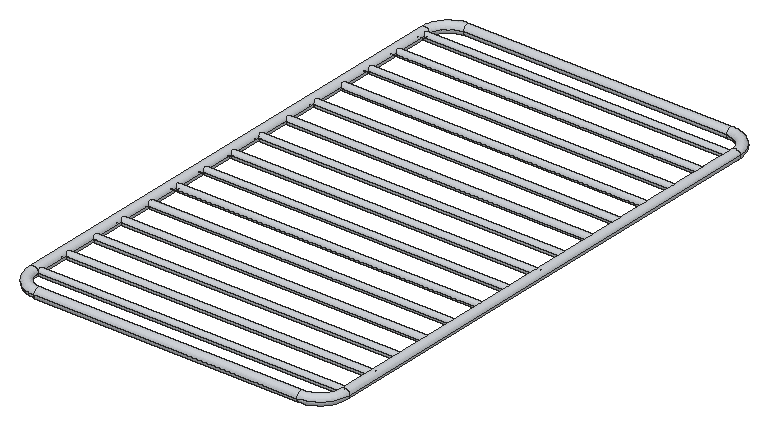
Revit family "Accessory-Sink_Rack-KOHLER-NEOROC_CAIRN-K-27788", category Specialty Equipment, host Face, Revit 2017
Family settings
  Host = Face
  Round Connector Dimension = Use Diameter
  Part Type = Normal
  OmniClass Number = 23.31.13.17
  Cut with Voids When Loaded = No
  Shared = No
  Room Calculation Point = No
Parameters (values of type "ST-Stainless Steel")
  Width = 8 23/64"  # constant formula
  WaterSense Certified = 1 = 0  # no
  URL = "https://www.us.kohler.com/us/"
  Product Page URL = "http://www.us.kohler.com/us/catalog/productDetails.jsp?productId=27788"
  Product Name = "NEOROC CAIRN\r\n"  # constant formula
  Product Documentation Link = "https://www.us.kohler.com/webassets/kpna/catalog/pdf/en/K-27788_spec_US-CA_Kohler_en.pdf"
  Model = "K-27788-ST"  # constant formula
  Material = "Stainless Steel"  # constant formula
  MasterFormat 2004 = "10.28.13"  # constant formula
  MasterFormat 1995 = "10820"  # constant formula
  Manufacturer Address = "444 Highland Dr, Kohler, WI 53044"  # constant formula
  Manufacturer = "KOHLER Co."  # constant formula
  Length = 14 15/64"  # constant formula
  Height = 65/256"  # constant formula
  Finish = Kohler-Metal-ST-Stainless_Steel
  Environmental Product Declaration = ""
  Description = "LAUNDRY SINK UTILITY RACK"  # constant formula
  Default Elevation = 42"
  Declare Label = ""
  Date Modified = "12/17/2021"  # constant formula
  Date Created = "12/17/2021"  # constant formula
  Copyright = "Copyright KOHLER Co."  # constant formula
  Contact Us = "https://www.us.kohler.com/us/static/contact.jsp"
  Assembly Code = "C1030200"
  ADA Compliant = 1 = 0  # no
Reference planes (in)
  plane 1 "Center (Front/Back)": y = 0
  plane 2: z = 0
  plane 3 "Center (Left/Right)": x = 0
  plane 4: y = 7.11811
  plane 5: y = -7.11626
  plane 6: x = 4.17913
  plane 7: x = -4.18024
  plane 8: y = -6.36363
  plane 9: y = -6.17465
  plane 10: y = -5.46767
  plane 11: z = 0.12598
  plane 12: z = 0.25391
Dimensions and locks (in)
  plane 9 to plane 10 = 0.70697"
  plane 8 to plane 9 = 0.18898"
  "Length": plane 4 to plane 5
  "Width": plane 7 to plane 6
  "Height": plane 12 to level
  plane 4 to plane 5 = 14 15/64"
  aligned and locked: plane 2 to host face
  aligned and locked: level to host face
Automatic sketch dimensions
  host sketch curve to host sketch curve = 96"  (x2)
Nested families (in)
  nested 1: "K-27788" at (0, 0, 0), type "K-27788"
Definition of nested family "K-27788"
  Parameters (values of type "K-27788")
    Material = none
  Reference planes (in)
    plane 1 "Center (Front/Back)": y = 0
    plane 2: z = 0
    plane 3 "Center (Left/Right)": x = 0
    plane 4: y = 7.11811
    plane 5: y = -7.11811
    plane 6: x = 4.17913
    plane 7: x = -4.17913
    plane 8: y = -6.17465
    plane 9: y = -6.36363
    plane 10: y = -5.46767
    plane 11: z = 0.12598
    plane 12: z = 0.25197
  Forms (in)
    Sweep 1, solid, material <- "Material", detail levels medium+fine
      path origin (0, 0, 0) x (1, 0, 0) y (0, 1, 0)
        loop
          arc (4.17913, 6.36267) -> (3.95787, 6.89685) -> (3.42369, 7.11811) r 0.75544
          line (3.42369, 7.11811) -> (-3.42323, 7.11811)
          arc (-3.42323, 7.11811) -> (-3.95773, 6.89671) -> (-4.17913, 6.3622) r 0.75591
          line (-4.17913, 6.3622) -> (-4.17913, -6.3622)
          arc (-4.17913, -6.3622) -> (-3.95773, -6.89671) -> (-3.42323, -7.11811) r 0.75591
          line (-3.42323, -7.11811) -> (3.42323, -7.11811)
          arc (3.42323, -7.11811) -> (3.95773, -6.89671) -> (4.17913, -6.3622) r 0.75591
          line (4.17913, -6.3622) -> (4.17913, 6.36267)
      profile origin (4.17913, 0.00023, 0) x (1, 0, 0) y (0, 0, 1)
        loop
          circle (-0.12634, 0.12598) r 0.12598
    Extrusion 2, solid, material <- "Material", detail levels medium+fine
      sketch origin (0, 0, 0.12598) x (0, 1, 0) y (0, 0, 1)
        loop
          circle (6.26893, 0) r 0.09343
        loop
          circle (5.37351, 0) r 0.09419
        loop
          circle (4.47703, 0) r 0.09449
        loop
          circle (2.68667, 0) r 0.09343
        loop
          circle (3.58248, 0) r 0.09419
        loop
          circle (-0.89558, 0) r 0.09343
        loop
          circle (-0.00016, 0) r 0.09419
        loop
          circle (0.89632, 0) r 0.09449
        loop
          circle (1.79087, 0) r 0.09419
        loop
          circle (-6.2682, 0) r 0.09449
        loop
          circle (-4.47784, 0) r 0.09343
        loop
          circle (-5.37364, 0) r 0.09419
        loop
          circle (-1.791, 0) r 0.09419
        loop
          circle (-2.68748, 0) r 0.09449
        loop
          circle (-3.58203, 0) r 0.09419
      from -4.09843 to 4.08028
    Sweep 3, solid, material <- "Material", detail levels coarse
      path origin (0, 0, 0) x (1, 0, 0) y (0, 1, 0)
        loop
          line (-4.17913, 7.11811) -> (-4.17913, -7.11811) -> (4.17913, -7.11811) -> (4.17913, 7.11811) -> (-4.17913, 7.11811)
      profile origin (4.17913, 0, 0) x (1, 0, 0) y (0, 0, 1)
        loop
          circle (-0.12555, 0.12598) r 0.12555
    Extrusion 4, solid, material <- "Material", detail levels coarse
      sketch origin (0, 0, 0.12598) x (0, 1, 0) y (0, 0, 1)
        loop
          circle (6.26893, 0) r 0.1063
        loop
          circle (5.37351, 0) r 0.1063
        loop
          circle (4.47703, 0) r 0.1063
        loop
          circle (2.68667, 0) r 0.1063
        loop
          circle (3.58248, 0) r 0.1063
        loop
          circle (0.89632, 0) r 0.1063
        loop
          circle (1.79087, 0) r 0.1063
        loop
          circle (-6.26893, 0) r 0.1063
        loop
          circle (-5.37351, 0) r 0.1063
        loop
          circle (-4.47703, 0) r 0.1063
        loop
          circle (-2.68667, 0) r 0.1063
        loop
          circle (-3.58248, 0) r 0.1063
        loop
          circle (-0.89632, 0) r 0.1063
        loop
          circle (-1.79087, 0) r 0.1063
        loop
          circle (0.00176, 0) r 0.1063
      from -4.01763 to 4.02686
  Cuts and joins
    joined: Sweep 3, Extrusion 4
  Lines and regions (in)
    Masking region 1
      outline origin (0, 0, 0) x (1, 0, 0) y (0, 1, 0)
        loop
          arc (-3.4311, 7.11811) -> (-3.96004, 6.89902) -> (-4.17913, 6.37008) r 0.74803
          line (-4.17913, 6.37008) -> (-4.17913, -6.37008)
          arc (-4.17913, -6.37008) -> (-3.96004, -6.89902) -> (-3.4311, -7.11811) r 0.74803
          line (-3.4311, -7.11811) -> (3.4311, -7.11811)
          arc (3.4311, -7.11811) -> (3.96004, -6.89902) -> (4.17913, -6.37008) r 0.74803
          line (4.17913, -6.37008) -> (4.17913, 6.37008)
          arc (4.17913, 6.37008) -> (3.96004, 6.89902) -> (3.4311, 7.11811) r 0.74803
          line (3.4311, 7.11811) -> (-3.4311, 7.11811)
        loop
          line (-3.92663, 6.36286) -> (3.92563, 6.36286)
          arc (3.92563, 6.36286) -> (3.78033, 6.71751) -> (3.42642, 6.86464) r 0.49922
          line (3.42642, 6.86464) -> (-3.42485, 6.86464)
          arc (-3.42485, 6.86464) -> (-3.77966, 6.71767) -> (-3.92663, 6.36286) r 0.50178
        loop
          line (3.92604, 6.17477) -> (-3.92663, 6.17477) -> (-3.92663, 5.46804) -> (3.92604, 5.46804) -> (3.92604, 6.17477)
        loop
          line (-3.92663, 5.27995) -> (-3.92663, 4.57322) -> (3.92563, 4.57322) -> (3.92563, 5.27995) -> (-3.92663, 5.27995)
        loop
          line (-3.92663, 4.38513) -> (-3.92663, 3.6784) -> (3.92563, 3.6784) -> (3.92563, 4.38513) -> (-3.92663, 4.38513)
        loop
          line (3.92604, 3.4903) -> (-3.92663, 3.4903) -> (-3.92663, 2.78358) -> (3.92604, 2.78358) -> (3.92604, 3.4903)
        loop
          line (3.92604, 2.59548) -> (-3.92663, 2.59548) -> (-3.92663, 1.88875) -> (3.92604, 1.88875) -> (3.92604, 2.59548)
        loop
          line (-3.92663, 1.70066) -> (-3.92663, 0.99393) -> (3.92563, 0.99393) -> (3.92563, 1.70066) -> (-3.92663, 1.70066)
        loop
          line (-3.92663, 0.80584) -> (-3.92663, 0.09911) -> (3.92563, 0.09911) -> (3.92563, 0.80584) -> (-3.92663, 0.80584)
        loop
          line (3.92604, -0.08898) -> (-3.92663, -0.08898) -> (-3.92663, -0.80584) -> (3.92604, -0.80584) -> (3.92604, -0.08898)
        loop
          arc (-3.92663, -6.36286) -> (-3.77869, -6.71776) -> (-3.42335, -6.86464) r 0.50328
          line (-3.42335, -6.86464) -> (3.42761, -6.86464)
          arc (3.42761, -6.86464) -> (3.78109, -6.71744) -> (3.92563, -6.36286) r 0.49804
          line (3.92563, -6.36286) -> (-3.92663, -6.36286)
        loop
          line (3.92604, -6.17477) -> (3.92604, -5.46804) -> (-3.92663, -5.46804) -> (-3.92663, -6.17477) -> (3.92604, -6.17477)
        loop
          line (-3.92663, -5.27995) -> (3.92604, -5.27995) -> (3.92604, -4.57322) -> (-3.92663, -4.57322) -> (-3.92663, -5.27995)
        loop
          line (-3.92663, -4.38513) -> (3.92563, -4.38513) -> (3.92563, -3.6784) -> (-3.92663, -3.6784) -> (-3.92663, -4.38513)
        loop
          line (3.92563, -3.4903) -> (3.92563, -2.78358) -> (-3.92663, -2.78358) -> (-3.92663, -3.4903) -> (3.92563, -3.4903)
        loop
          line (3.92604, -2.59548) -> (3.92604, -1.88875) -> (-3.92663, -1.88875) -> (-3.92663, -2.59548) -> (3.92604, -2.59548)
        loop
          line (-3.92663, -1.70066) -> (3.92604, -1.70066) -> (3.92604, -0.99393) -> (-3.92663, -0.99393) -> (-3.92663, -1.70066)
    Masking region 2
      outline origin (0, 0, 0) x (1, 0, 0) y (0, 0, 1)
        loop
          arc (-4.05358, 0.25153) -> (-4.17913, 0.12598) -> (-4.05358, 0.00044) r 0.12555
          line (-4.05358, 0.00044) -> (4.05358, 0.00044)
          arc (4.05358, 0.00044) -> (4.17913, 0.12598) -> (4.05358, 0.25153) r 0.12555
          line (4.05358, 0.25153) -> (-4.05358, 0.25153)
    Masking region 3
      outline origin (0, 0, 0) x (0, 1, 0) y (0, 0, 1)
        loop
          line (6.99254, 0.25197) -> (-6.99201, 0.25197)
          arc (-6.99201, 0.25197) -> (-7.118, 0.12598) -> (-6.99201, 0) r 0.12598
          line (-6.99201, 0) -> (6.99254, 0)
          arc (6.99254, 0) -> (7.11852, 0.12598) -> (6.99254, 0.25197) r 0.12598
    symbolic lines, detail levels medium+fine
      curve 1: arc (3.92563, 5.27995, 0) -> (3.97188, 5.37399, 0) -> (3.92563, 5.46804, 0) r 0.11875
      curve 2: arc (3.92563, 3.4903, 0) -> (3.97188, 3.58435, 0) -> (3.92563, 3.6784, 0) r 0.11875
      curve 3: arc (3.92563, 4.57322, 0) -> (3.97188, 4.47917, 0) -> (3.92563, 4.38513, 0) r 0.11875
      curve 4: arc (3.92563, -0.08898, 0) -> (3.97188, 0.00507, 0) -> (3.92563, 0.09911, 0) r 0.11875
      curve 5: arc (3.92563, 0.99393, 0) -> (3.97188, 0.89989, 0) -> (3.92563, 0.80584, 0) r 0.11875
      curve 6: arc (3.92563, 2.78358, 0) -> (3.97188, 2.68953, 0) -> (3.92563, 2.59548, 0) r 0.11875
      curve 7: arc (3.92563, 1.70066, 0) -> (3.97188, 1.79471, 0) -> (3.92563, 1.88875, 0) r 0.11875
      curve 8: arc (3.92563, -6.36286, 0) -> (3.97188, -6.26881, 0) -> (3.92563, -6.17477, 0) r 0.11875
      curve 9: arc (3.92563, -5.27995, 0) -> (3.97188, -5.37399, 0) -> (3.92563, -5.46804, 0) r 0.11875
      curve 10: arc (3.92563, -3.4903, 0) -> (3.97188, -3.58435, 0) -> (3.92563, -3.6784, 0) r 0.11875
      curve 11: arc (3.92563, -4.57322, 0) -> (3.97188, -4.47917, 0) -> (3.92563, -4.38513, 0) r 0.11875
      curve 12: arc (3.92563, -0.99393, 0) -> (3.97188, -0.89989, 0) -> (3.92563, -0.80584, 0) r 0.11875
      curve 13: arc (3.92563, -2.78358, 0) -> (3.97188, -2.68953, 0) -> (3.92563, -2.59548, 0) r 0.11875
      curve 14: arc (3.92563, -1.70066, 0) -> (3.97188, -1.79471, 0) -> (3.92563, -1.88875, 0) r 0.11875
      curve 15: arc (-3.92563, 6.36286, 0) -> (-3.97188, 6.26881, 0) -> (-3.92563, 6.17477, 0) r 0.11875
      curve 16: arc (-3.92563, 5.27995, 0) -> (-3.97188, 5.37399, 0) -> (-3.92563, 5.46804, 0) r 0.11875
      curve 17: arc (-3.92563, 3.4903, 0) -> (-3.97188, 3.58435, 0) -> (-3.92563, 3.6784, 0) r 0.11875
      curve 18: arc (-3.92563, 4.57322, 0) -> (-3.97188, 4.47917, 0) -> (-3.92563, 4.38513, 0) r 0.11875
      curve 19: arc (-3.92563, 0.99393, 0) -> (-3.97188, 0.89989, 0) -> (-3.92563, 0.80584, 0) r 0.11875
      curve 20: arc (-3.92563, 2.78358, 0) -> (-3.97188, 2.68953, 0) -> (-3.92563, 2.59548, 0) r 0.11875
      curve 21: arc (-3.92563, 1.70066, 0) -> (-3.97188, 1.79471, 0) -> (-3.92563, 1.88875, 0) r 0.11875
      curve 22: arc (-3.92563, -6.36286, 0) -> (-3.97188, -6.26881, 0) -> (-3.92563, -6.17477, 0) r 0.11875
      curve 23: arc (-3.92563, -5.27995, 0) -> (-3.97188, -5.37399, 0) -> (-3.92563, -5.46804, 0) r 0.11875
      curve 24: arc (-3.92563, -3.4903, 0) -> (-3.97188, -3.58435, 0) -> (-3.92563, -3.6784, 0) r 0.11875
      curve 25: arc (-3.92563, -4.57322, 0) -> (-3.97188, -4.47917, 0) -> (-3.92563, -4.38513, 0) r 0.11875
      curve 26: arc (-3.92563, -0.99393, 0) -> (-3.97188, -0.89989, 0) -> (-3.92563, -0.80584, 0) r 0.11875
      curve 27: arc (-3.92563, -2.78358, 0) -> (-3.97188, -2.68953, 0) -> (-3.92563, -2.59548, 0) r 0.11875
      curve 28: arc (-3.92563, -1.70066, 0) -> (-3.97188, -1.79471, 0) -> (-3.92563, -1.88875, 0) r 0.11875
      curve 29: arc (3.92563, 6.36286, 0) -> (3.97238, 6.26892, 0) -> (3.92604, 6.17477, 0) r 0.11829
  Dimensions and locks (in)
    plane 8 to plane 9 = 0.18898"
    plane 4 to plane 5 = 14.23622"
    plane 10 to plane 8 = 0.70697"
    aligned and locked: plane 2 to level
